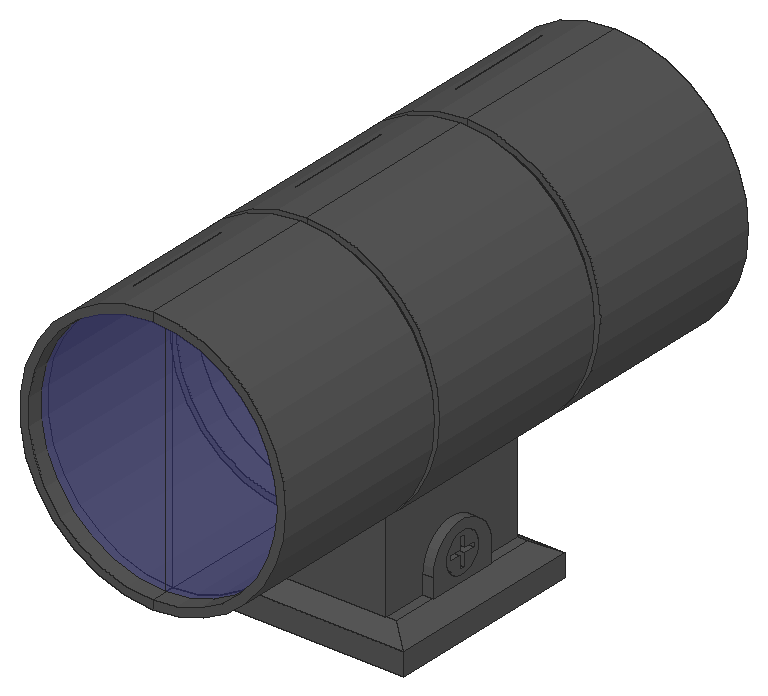
Revit family "CARLO CYLINDER LIGHT WALL MOUNT", category Lighting Fixtures, host Face, Revit 2020 (continued)
Types (10): name | Wattage_Input | Wattage Comments | Wattage | Photometric Web File | built-in parameter 1150142 | Model | built-in parameter 1150105 | Lumens | Light Length 1 | LIGHT RADIUS | LIGHT PLACEMENT | LIGHT LENGTH | LIGHT DIA | built-in parameter 1150106 | FIXED END HEIGHT | Curve base Height | Base Curve | BEAMING ANGLE | Apparent Load
    3 \r\n 0.8703 0.83394 0.7981 0.76234 0.72692 0.69215 0.65744 0.62108 0.5867 0.55883 \r\n 0.53307 0.50679 0.47926 0.45102 0.41568 0.36217 0.30569 0.29014 0.28557 0.27266 \r\n 0.26339 0.26771 0.27243 0.25904 0.25336 0.28812 0.32397 0.35258 0.38031 0.41165 \r\n 0.44389 0.47537 0.50747 0.54147 0.57599 0.60971 0.64379 0.67949 0.71525 0.74983 \r\n 0.7836 0.81543 0.8486 0.88839 0.92773 0.95859 0.98911 1.0269 1.0689 1.1147 \r\n 1.1635 1.2149 1.2676 1.3194 1.3726 1.429 1.489 1.5536 1.6224 1.6942 \r\n 1.7721 1.8596 1.9542 2.0529 2.1601 2.2779 2.4093 2.5566 2.7242 2.9147 \r\n 3.1351 3.3957 3.6894 4.004 4.3642 4.7957 5.2826 5.8109 6.4007 7.0795 \r\n 7.8108 8.5643 9.3492 10.154 11.01 11.969 12.96 13.906 14.872 15.902 \r\n 16.977 18.067 19.243 20.598 22.044 23.379 25.034 27.472 30.389 33.688 \r\n 37.223 40.388 44.475 49.223 58.685 79.132 103.64 126.18 150.36 178.65 \r\n 208.5 238.06 267.64 296.99 325.96 354.92 382.04 405.71 425.63 440.91 \r\n 451.75 456.95 459.91 464.18 468.2 471.49 474.38 476.88 479.4 482.5 \r\n 485.72 488.7 491.73 495.09 498.44 501.42 504.39 507.63 510.9 513.93 \r\n 517.09 520.64 524.52 528.78 533.41 538.28 543.76 550.11 557.5 566.03 \r\n 576.14 588.18 602.54 619.67 639.87 663.29 690.88 723.03 761.64 807.88 \r\n 864.3 936.92 1016.5 1090.3 1174.3 1282.8 1408 1546 1699 1869.2 \r\n 2052.7 2247.6 2449.4 2651.5 2857.5 3071.1 3285.6 3494.9 3700 3900.9 \r\n 4093.5 4273.3 4441 4594.7 4736.8 4870.4 4992.2 5100.1 5192.7 5265.2 \r\n 5326.1 5384.4 5433.4 5469 5492.2 5501.7 5500.9 5494.2 5477.4 5447.7 \r\n 5509.6 \r\n5444.5 5504.2 5517.5 5523.9 5521 5506.6 5480.2 5441.9 5388.4 5316.1 \r\n 5226.5 5118.2 4995.2 4861.7 4715.8 4556 4383.9 4200.1 4006.5 3805 \r\n 3596.9 3382.5 3167 2956.4 2748.7 2543.4 2341.3 2139.8 1949 1779.8 \r\n 1626.8 1488 1363.7 1256 1159 1065 981.09 913.4 856.32 806.29 \r\n 763.35 726.5 695.23 668.98 646.87 627.92 611.9 598.41 586.94 576.8 \r\n 568.12 560.98 554.91 549.45 544.65 540.48 536.67 532.93 529.32 525.81 \r\n 522.37 518.91 515.57 512.53 509.46 505.94 502.36 499.03 495.83 492.68 \r\n 489.74 487.25 484.89 482.38 479.81 477.4 474.46 470.08 465.1 461.24 \r\n 455.07 443.14 427.19 407.74 385.04 359.36 331.18 300.54 269.03 238.53 \r\n 208.28 177.55 148.25 122.5 98.947 75.595 56.487 46.696 41.126 36.18 \r\n 32.437 29.202 26.701 25.108 23.892 22.504 21.165 19.932 18.755 17.598 \r\n 16.486 15.449 14.432 13.362 12.319 11.38 10.481 9.5622 8.686 7.9057 \r\n 7.1847 6.4905 5.866 5.3613 4.9234 4.508 4.1383 3.8291 3.5616 3.3216 \r\n 3.1094 2.9231 2.7555 2.5969 2.4532 2.3285 2.2185 2.1218 2.0341 1.9505 \r\n 1.8711 1.7932 1.7193 1.6522 1.5888 1.5263 1.4673 1.4145 1.3649 1.316 \r\n 1.2699 1.2302 1.191 1.1448 1.0996 1.0635 1.0282 0.98761 0.9468 0.90951 \r\n 0.87336 0.83694 0.80105 0.76642 0.73186 0.69535 0.66009 0.62958 0.60086 0.57105 \r\n 0.54345 0.52465 0.50196 0.46122 0.41344 0.3657 0.31605 0.28361 0.26214 0.25374 \r\n 0.25251 0.25473 0.25585 0.2426 0.23741 0.27066 0.30524 0.33413 0.36233 0.39325 \r\n 0.42485 0.4557 0.48741 0.52188 0.55692 0.5905 0.62414 0.65898 0.69406 0.72881 \r\n 0.76317 0.79613 0.83006 0.86863 0.90692 0.93919 0.97146 1.0091 1.0499 1.0935 \r\n 1.1401 1.1906 1.2431 1.2953 1.3493 1.4058 1.4662 1.5323 1.6029 1.6759 \r\n 1.755 1.844 1.9401 2.0402 2.1484 2.2662 2.3977 2.5463 2.7152 2.9069 \r\n 3.127 3.3836 3.6716 3.9793 4.3341 4.7661 5.2554 5.7859 6.3751 7.0441 \r\n 7.7649 8.5167 9.2994 10.092 10.937 11.892 12.882 13.828 14.794 15.819 \r\n 16.895 18.011 19.211 20.552 21.99 23.36 25.078 27.632 30.642 33.897 \r\n 37.374 40.718 44.721 48.566 56.73 75.46 98.624 121.34 146.11 174.56 \r\n 204.4 233.7 262.96 292.07 320.88 349.76 376.97 401.03 421.57 437.82 \r\n 449.56 455.01 457.98 462.08 465.98 469.54 472.76 475.43 478.07 481.24 \r\n 484.54 487.69 490.9 494.38 497.84 500.94 503.98 507.19 510.39 513.38 \r\n 516.5 520.1 524.03 528.25 532.85 537.8 543.38 549.79 557.28 566.01 \r\n 576.39 588.73 603.42 620.83 641.35 665.17 693.25 726 765.3 812.71 \r\n 869.65 940.03 1018 1094.7 1182.9 1294.9 1423.2 1563.2 1717.8 1889.9 \r\n 2075.1 2272.1 2475.2 2677.4 2882.3 3092.5 3303.6 3512.5 3717.6 3917.2 \r\n 4108.2 4286.9 4453.5 4606.3 4747.3 4878.7 4997.8 5103.4 5194.1 5265.1 \r\n 5324.8 5382.1 5430.3 5465.6 5488.7 5497.9 5497 5490.8 5474.6 5444.7 \r\n 5509.6 \r\n5444.5 5499.5 5509.4 5511.9 5504.8 5487.2 5456.9 5412.5 5351.9 5272.4 \r\n 5175.7 5062.1 4934.2 4795.7 4644 4477 4298.2 4110.6 3914.3 3709.9 \r\n 3499.5 3284.2 3068.2 2856 2647.7 2444.4 2247 2054.3 1873.2 1711.8 \r\n 1565.5 1431.9 1313.4 1214.4 1125.4 1034.8 952.95 888.75 835.3 788.7 \r\n 748.84 714.42 685.15 660.55 639.86 622.29 607.47 594.9 584.23 574.95 \r\n 566.95 560.01 553.99 548.69 544.01 539.86 536.01 532.2 528.46 524.71 \r\n 521.05 517.6 514.32 511.31 508.31 505.03 501.7 498.47 495.31 492.22 \r\n 489.3 486.72 484.26 481.84 479.28 476.45 473.15 469.1 464.4 460.12 \r\n 453.05 439.6 421.97 401.06 377.16 350.77 322.12 291.04 259.27 228.7 \r\n 198.59 168.09 139.46 115.51 93.738 70.835 52.028 43.46 39.072 34.423 \r\n 30.792 28.041 25.984 24.484 23.253 21.909 20.609 19.39 18.229 17.119 \r\n 16.049 15.01 13.984 12.933 11.912 10.983 10.097 9.2071 8.3627 7.6041 \r\n 6.908 6.2552 5.6729 5.1957 4.7814 4.395 4.0492 3.7469 3.4823 3.2525 \r\n 3.0516 2.8745 2.716 2.568 2.4343 2.3173 2.2127 2.1177 2.0308 1.9506 \r\n 1.8743 1.7967 1.7233 1.6595 1.5996 1.5385 1.48 1.4264 1.3758 1.3266 \r\n 1.2795 1.2358 1.1926 1.1453 1.0999 1.064 1.0286 0.98785 0.94705 0.91075 \r\n 0.87561 0.83916 0.80325 0.76971 0.73606 0.69819 0.66279 0.63836 0.6154 0.58354 \r\n 0.55379 0.54184 0.52324 0.46923 0.40848 0.36667 0.32429 0.27514 0.23691 0.23319 \r\n 0.24015 0.24044 0.23821 0.22561 0.22138 0.25312 0.28638 0.31571 0.34456 0.37511 \r\n 0.40609 0.43636 0.46776 0.50274 0.53832 0.57165 0.60469 0.63852 0.67282 0.7078 \r\n 0.74288 0.77711 0.81184 0.84892 0.88592 0.91995 0.95434 0.99206 1.0315 1.0726 \r\n 1.1167 1.1657 1.2175 1.27 1.3246 1.3814 1.4423 1.51 1.5823 1.6565 \r\n 1.7366 1.8269 1.9241 2.0254 2.1345 2.2521 2.3832 2.5326 2.7022 2.8943 \r\n 3.1131 3.3645 3.6453 3.9447 4.2923 4.7222 5.211 5.7423 6.3297 6.9879 \r\n 7.697 8.4447 9.2236 10.007 10.84 11.788 12.773 13.72 14.687 15.708 \r\n 16.786 17.925 19.147 20.472 21.901 23.308 25.09 27.754 30.842 34.027 \r\n 37.421 40.902 44.857 48.143 55.238 71.851 93.142 115.78 140.94 169.36 \r\n 199.05 228.11 257.11 286.01 314.69 343.54 370.93 395.49 416.8 434.2 \r\n 447.02 453.03 456.25 460.32 464.15 467.98 471.54 474.43 477.22 480.46 \r\n 483.82 487.14 490.52 494.13 497.68 500.9 504 507.16 510.28 513.22 \r\n 516.31 519.94 523.89 528.04 532.56 537.54 543.18 549.6 557.12 566.01 \r\n 576.59 589.18 604.12 621.71 642.42 666.5 694.92 728.09 767.88 816.12 \r\n 873.35 941.59 1018.2 1098.2 1190.5 1304.4 1433.9 1575.1 1730.7 1904 \r\n 2090.5 2288.8 2492.8 2695 2898.6 3105.2 3312.8 3521.6 3727.1 3925.6 \r\n 4115.5 4293.7 4460.1 4612.9 4753.6 4883.4 5000.8 5105.1 5194.7 5265.1 \r\n 5324.3 5380.6 5428.1 5463.5 5487 5496.4 5495.9 5490.5 5474.9 5445 \r\n 5509.6 \r\n5444.5 5494.6 5501 5499.3 5488 5466.7 5432.3 5381.3 5313.5 5226.6 \r\n 5123.1 5004.4 4871.8 4727.9 4570.5 4396.3 4210.9 4019.5 3820.6 3613.5 \r\n 3401.1 3185.3 2969 2755 2545.9 2345 2152.7 1969.2 1798.2 1644.4 \r\n 1504.9 1376.5 1263.4 1172.7 1091.4 1004.9 926 865.4 815.37 771.74 \r\n 734.51 702.4 675.13 652.16 632.88 616.66 603.03 591.37 581.47 573.03 \r\n 565.69 558.95 552.97 547.85 543.31 539.18 535.3 531.42 527.57 523.58 \r\n 519.72 516.28 513.07 510.08 507.15 504.13 501.06 497.95 494.85 491.83 \r\n 488.95 486.3 483.78 481.43 478.86 475.61 471.95 468.26 463.78 458.84 \r\n 450.62 435.53 416.12 393.63 368.4 341.18 311.99 280.51 248.5 217.83 \r\n 187.84 157.61 129.75 107.75 87.993 65.993 47.847 40.358 36.917 32.596 \r\n 29.157 26.905 25.287 23.86 22.597 21.293 20.032 18.826 17.679 16.617 \r\n 15.59 14.548 13.514 12.482 11.486 10.569 9.697 8.8383 8.0278 7.2942 \r\n 6.6255 6.0153 5.4752 5.0252 4.6342 4.2772 3.9559 3.6613 3.4002 3.1804 \r\n 2.9903 2.8221 2.6726 2.5354 2.4119 2.3025 2.2033 2.11 2.0239 1.947 \r\n 1.8737 1.7968 1.7239 1.6632 1.6065 1.547 1.4888 1.4344 1.3826 1.3335 \r\n 1.2859 1.2384 1.1915 1.1436 1.0985 1.0626 1.0269 0.98623 0.94576 0.9104 \r\n 0.87615 0.83974 0.80385 0.77121 0.73841 0.69988 0.66494 0.64608 0.62825 0.59473 \r\n 0.56294 0.55608 0.54 0.47353 0.40082 0.36402 0.32812 0.26415 0.21109 0.21139 \r\n 0.22559 0.22439 0.21968 0.20863 0.20609 0.23636 0.26827 0.29804 0.32756 0.35779 \r\n 0.38821 0.41797 0.44908 0.48452 0.52053 0.55353 0.58588 0.6186 0.65204 0.68729 \r\n 0.72312 0.75854 0.79396 0.82941 0.86505 0.90091 0.93748 0.97548 1.0142 1.0527 \r\n 1.094 1.1413 1.1921 1.2447 1.2999 1.3572 1.4187 1.4878 1.5614 1.6364 \r\n 1.7172 1.808 1.9058 2.008 2.1176 2.2345 2.3647 2.514 2.6833 2.8745 \r\n 3.0906 3.3353 3.6079 3.898 4.2372 4.6614 5.146 5.6753 6.2588 6.9045 \r\n 7.6003 8.3404 9.1125 9.8859 10.71 11.647 12.624 13.569 14.537 15.554 \r\n 16.63 17.789 19.026 20.332 21.748 23.187 25.024 27.779 30.922 34.012 \r\n 37.3 40.862 44.78 47.781 54.004 68.231 87.256 109.55 134.87 162.95 \r\n 192.28 221.09 249.89 278.62 307.23 336.15 363.83 389.03 411.25 429.93 \r\n 444.02 450.93 454.74 458.91 462.73 466.83 470.7 473.82 476.78 480.06 \r\n 483.46 486.93 490.47 494.16 497.78 501.08 504.24 507.33 510.37 513.26 \r\n 516.34 519.98 523.92 527.96 532.38 537.37 543.03 549.4 556.89 565.87 \r\n 576.59 589.34 604.43 622.07 642.82 667.01 695.56 728.93 768.95 817.59 \r\n 874.81 941.31 1016.9 1100.1 1195.9 1310.1 1439 1580.3 1736.3 1910.1 \r\n 2097.1 2295.9 2500.2 2702 2904.4 3107.6 3312.1 3520.8 3726.9 3924.7 \r\n 4113.8 4292.2 4459 4612.5 4753.6 4882.7 4999.2 5103.3 5193 5263.7 \r\n 5323 5378.6 5425.5 5461.4 5485.7 5496 5496.4 5492.1 5477.3 5447.7 \r\n 5509.6 \r\n5444.5 5489.3 5492.1 5486.2 5470.5 5445.4 5406.4 5348.9 5274 5180.3 \r\n 5070.4 4946.8 4809.6 4660.4 4497.3 4316.5 4125.2 3930 3728.3 3518.9 \r\n 3305.1 3089.2 2872.9 2657.4 2447.7 2249.5 2062.4 1887.8 1726.4 1580.1 \r\n 1447 1323.7 1215.7 1132.1 1057.7 975.78 900.62 843.64 796.77 755.71 \r\n 720.72 690.79 665.44 644.03 626.1 611.17 598.65 587.83 578.64 570.95 \r\n 564.21 557.67 551.77 546.82 542.42 538.33 534.42 530.48 526.53 522.36 \r\n 518.35 514.93 511.79 508.78 505.9 503.11 500.31 497.32 494.3 491.38 \r\n 488.56 485.9 483.34 481.05 478.46 474.85 470.88 467.53 463.19 457.34 \r\n 447.72 430.94 409.77 385.67 359.07 330.97 301.2 269.37 237.19 206.42 \r\n 176.53 146.61 119.54 99.412 81.698 61.096 44.062 37.509 34.768 30.805 \r\n 27.628 25.846 24.623 23.252 21.946 20.681 19.46 18.267 17.134 16.115 \r\n 15.126 14.083 13.043 12.031 11.059 10.156 9.3011 8.473 7.6965 6.9906 \r\n 6.3514 5.782 5.2817 4.8575 4.4887 4.1595 3.8616 3.5758 3.3196 3.1093 \r\n 2.9291 2.769 2.6275 2.5004 2.3864 2.2839 2.1896 2.098 2.013 1.9389 \r\n 1.8684 1.7923 1.7202 1.6621 1.6079 1.5496 1.4918 1.4364 1.3835 1.3348 \r\n 1.2872 1.2368 1.187 1.1392 1.0948 1.0585 1.0224 0.98213 0.94235 0.90772 \r\n 0.87409 0.8378 0.80201 0.76989 0.73781 0.69966 0.66595 0.65139 0.63735 0.60303 \r\n 0.56972 0.5651 0.5491 0.47258 0.39049 0.35666 0.32524 0.25479 0.18586 0.18873 \r\n 0.20806 0.20612 0.2004 0.1922 0.19239 0.22127 0.25178 0.28184 0.31189 0.34186 \r\n 0.37183 0.40113 0.43194 0.46767 0.50392 0.53652 0.56813 0.5997 0.63225 0.66777 \r\n 0.70429 0.7406 0.77642 0.81026 0.84459 0.88211 0.92064 0.9587 0.99678 1.0344 \r\n 1.0729 1.1188 1.1686 1.2211 1.2767 1.3345 1.3967 1.4665 1.5407 1.616 \r\n 1.6968 1.7873 1.8848 1.9874 2.0969 2.2125 2.341 2.4892 2.6568 2.8452 \r\n 3.0566 3.2934 3.5565 3.8373 4.1668 4.5813 5.0569 5.5802 6.1563 6.7878 \r\n 7.4681 8.1957 8.9567 9.7206 10.534 11.458 12.422 13.364 14.33 15.339 \r\n 16.411 17.58 18.824 20.108 21.506 22.963 24.833 27.648 30.813 33.789 \r\n 36.947 40.522 44.384 47.306 52.824 64.522 81.025 102.73 127.91 155.27 \r\n 183.92 212.44 241.11 269.72 298.34 327.47 355.59 381.55 404.81 424.89 \r\n 440.44 448.65 453.43 457.88 461.76 466.08 470.18 473.52 476.66 479.97 \r\n 483.37 486.93 490.57 494.29 497.94 501.3 504.49 507.51 510.46 513.34 \r\n 516.41 520.02 523.92 527.84 532.15 537.12 542.77 549.05 556.47 565.45 \r\n 576.21 589.01 604.11 621.67 642.3 666.4 694.87 728.17 768.08 816.56 \r\n 873.48 938.88 1014.1 1100 1198.2 1310.5 1436.9 1577.4 1733 1906.5 \r\n 2093.2 2291.5 2495.2 2696.4 2897.6 3098.1 3300.1 3508.8 3715.5 3912.8 \r\n 4101.5 4280.5 4448.4 4603.1 4745.2 4874.6 4991.4 5096.5 5187.3 5259.2 \r\n 5319.2 5374.5 5421.2 5458 5483.8 5495.6 5497.5 5494.4 5480.6 5451.8 \r\n 5509.6 \r\n5444.5 5481.6 5480.7 5471.9 5453.2 5424.2 5381.1 5319.3 5240 5142.3 \r\n 5028.5 4900.6 4759.1 4605.7 4438.7 4255 4060.8 3861.5 3656.5 3446.6 \r\n 3233.4 3018.6 2803.5 2587.3 2377.7 2182.8 2000.4 1830.7 1674.3 1532.2 \r\n 1402.9 1284.1 1180 1098.8 1027 950 879.79 825.97 781.57 742.73 \r\n 709.67 681.5 657.69 637.52 620.62 606.56 594.75 584.44 575.63 568.27 \r\n 561.78 555.42 549.65 544.84 540.55 536.5 532.58 528.57 524.55 520.44 \r\n 516.52 513.15 510.03 506.93 503.96 501.2 498.5 495.65 492.81 490.08 \r\n 487.49 485.16 482.9 480.69 478.12 474.55 470.75 468.15 464.13 456.89 \r\n 445.4 427.24 404.8 379.48 351.82 322.9 292.57 260.57 228.32 197.17 \r\n 167 137.21 110.48 90.491 73.554 55.724 41.456 35.634 33.033 29.511 \r\n 26.712 25.167 24.078 22.73 21.412 20.188 19.014 17.854 16.745 15.733 \r\n 14.748 13.718 12.691 11.685 10.721 9.838 9.0054 8.1965 7.4419 6.7673 \r\n 6.1601 5.6149 5.1352 4.7298 4.3777 4.0636 3.7792 3.5058 3.26 3.0574 \r\n 2.8829 2.7264 2.5878 2.4643 2.3535 2.253 2.1602 2.0708 1.9877 1.9148 \r\n 1.8452 1.7705 1.6994 1.6409 1.586 1.5278 1.47 1.413 1.359 1.3117 \r\n 1.2663 1.2176 1.1696 1.1248 1.0827 1.0451 1.0076 0.96927 0.93156 0.89637 \r\n 0.86182 0.82611 0.79082 0.75706 0.72451 0.69186 0.66324 0.6461 0.62924 0.60024 \r\n 0.57019 0.55477 0.52785 0.45476 0.37674 0.33417 0.29489 0.23058 0.17014 0.16692 \r\n 0.17951 0.18054 0.18123 0.18111 0.18782 0.21538 0.24409 0.27336 0.30304 0.33304 \r\n 0.36309 0.39212 0.42246 0.45749 0.49302 0.52525 0.55642 0.58689 0.61851 0.65427 \r\n 0.69103 0.72641 0.76109 0.79414 0.828 0.86692 0.90724 0.94636 0.98525 1.0227 \r\n 1.0626 1.1096 1.1603 1.212 1.2667 1.3255 1.3882 1.4558 1.5271 1.6004 \r\n 1.6788 1.7649 1.8583 1.9596 2.0678 2.1795 2.303 2.4465 2.6078 2.786 \r\n 2.9856 3.2105 3.4625 3.737 4.0573 4.4491 4.8994 5.4036 5.961 6.572 \r\n 7.229 7.926 8.6587 9.41 10.213 11.115 12.055 12.977 13.924 14.914 \r\n 15.966 17.111 18.329 19.582 20.94 22.335 24.137 26.907 29.996 32.801 \r\n 35.745 39.101 42.717 45.624 50.541 59.704 73.59 94.582 119.2 144.53 \r\n 171.26 199.33 228.12 256.86 285.9 315.89 345.13 372.26 396.86 418.55 \r\n 435.95 446.57 453.39 458.3 462.03 466.2 470.14 473.61 476.87 480.08 \r\n 483.31 486.75 490.25 493.79 497.28 500.56 503.7 506.66 509.56 512.48 \r\n 515.57 519.07 522.84 526.7 530.97 535.91 541.51 547.69 554.96 563.78 \r\n 574.31 586.81 601.56 618.71 638.87 662.42 690.24 722.74 761.66 808.32 \r\n 864.34 932.6 1010.7 1096.9 1192.5 1297.1 1415.4 1552.6 1706.4 1877.9 \r\n 2062.4 2257.4 2458 2657.6 2858.3 3059.7 3262.9 3471.7 3678 3874.5 \r\n 4062.9 4243.2 4412.9 4568.7 4712.4 4844.9 4965.5 5074.5 5168.9 5243 \r\n 5304.6 5360.5 5407.9 5446.9 5475.4 5490.4 5495.1 5493.2 5480.5 5453.7 \r\n 5509.6 \r\n5444.5 5473.1 5468.7 5456.9 5435.1 5402.1 5354.7 5288.7 5205.5 5104.2 \r\n 4986.9 4854.9 4709.2 4551.7 4381.2 4195.3 3998.9 3795.6 3587.3 3377.3 \r\n 3165.4 2952.1 2738.3 2522.1 2313.1 2121.9 1944.2 1778.8 1626.6 1488.4 \r\n 1362.9 1248.3 1147.8 1067.7 997.41 925.39 860.55 809.79 767.6 730.72 \r\n 699.35 672.8 650.4 631.37 615.4 602.11 590.89 581.02 572.53 565.4 \r\n 559.09 552.93 547.34 542.66 538.47 534.48 530.58 526.51 522.45 518.45 \r\n 514.67 511.37 508.25 505.04 501.95 499.19 496.55 493.82 491.15 488.62 \r\n 486.27 484.29 482.33 480.17 477.61 474.14 470.52 468.49 464.55 455.67 \r\n 442.15 422.63 399.02 372.58 343.95 314.22 283.34 251.26 219.05 187.66 \r\n 157.33 127.78 101.43 81.458 65.23 50.481 39.275 34.07 31.426 28.356 \r\n 25.967 24.593 23.568 22.232 20.906 19.72 18.591 17.466 16.381 15.369 \r\n 14.379 13.365 12.356 11.355 10.399 9.5366 8.7278 7.937 7.2031 6.5611 \r\n 5.9863 5.4624 4.9998 4.611 4.2738 3.9722 3.6994 3.4393 3.2054 3.0101 \r\n 2.8403 2.6867 2.55 2.4288 2.32 2.2205 2.1287 2.0413 1.9601 1.888 \r\n 1.819 1.7458 1.6759 1.6162 1.5599 1.5017 1.4438 1.3854 1.3304 1.2846 \r\n 1.2414 1.1953 1.1501 1.1087 1.0689 1.0296 0.99081 0.95446 0.91891 0.88295 \r\n 0.84725 0.81212 0.77737 0.7418 0.70873 0.68211 0.65881 0.63782 0.61682 0.59344 \r\n 0.56682 0.53834 0.49883 0.43181 0.3606 0.30777 0.25899 0.2029 0.15318 0.14358 \r\n 0.14877 0.15338 0.
